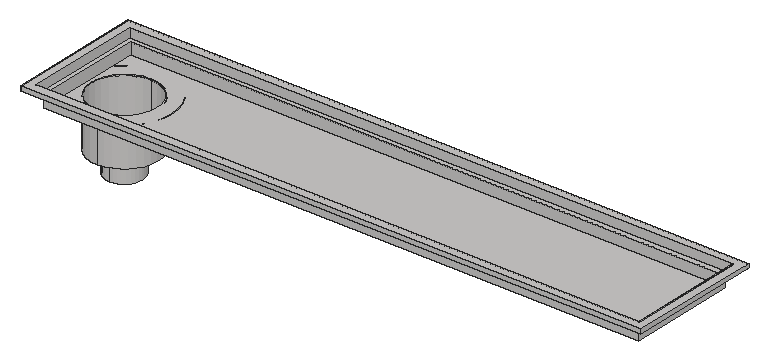
Revit family "QF_ZANUSSI_328055_FDA40185", category Attrezzature speciali, Revit 2020
Family settings
  Quota connettore circolare = Usa diametro
  Tipo di parte = Normale
  Basato su piano di lavoro = No
  Sempre verticale = Sì
  Taglio con vuoti quando caricato = No
  Condiviso = No
  Punto di calcolo locali = No
Parameters (values of type "Standard")
  Weight = 66.1387 lbm
  Watts = 0 W
  Volts = 0 V
  URL Manufacturer = "http://www.zanussiprofessional.com"
  URL = "http://www.zanussiprofessional.com"
  Steam Supply Size = 0"
  Steam Supply Minimum Pressure = 0.00 psi
  Steam Supply Maximum Pressure = 0.00 psi
  Steam Consumption per Hour = 0
  Refrigeration Suction Line Size = 0 mm
  Refrigeration Liquid Line Size = 0 mm
  Refrigerant Compressor Remote = yes
  Prospetto di default = 0 mm
  Phase = 0
  Modello = "FDA40185"
  Produttore = "Zanussi"
  Length Actual = 1850 mm  # constant formula
  Item Number = "328055"
  Hot Water Size = 0"
  Height Actual = 265 mm  # constant formula
  HP = "0 HP"
  Gas Size = 0"
  Gas KW = 0
  Gas Input Pressure = 0.0 Btu/h
  Direct Waste Size = 3.93701"
  Descrizione = "FLR.DRAIN+GRATE+S.SIPH-VERT.OUT.400X1850"
  Depth Actual = 400 mm  # constant formula
  Cycle = 0 Hz
  Condensate Return Size = 0"
  Compressed Air Volume = 0 GPM
  Compressed Air Size = 0"
  Compressed Air Pressure = 0.00 psi
  Cold Water Size = 0"
  Assembly Code = ""
  Accessory = yes
Reference planes
  plane 1: z = 0
  plane 2 "Center (Front/Back)": y = -102.225
  plane 3 "Center (Left/Right)": x = 9.791
  plane 4 "TOP": z = -265
  plane 5 "Back": y = 97.775
  plane 6 "Front": y = -302.225
  plane 7: x = -140.209
  plane 8: x = 159.791
  plane 9: x = 1709.791
Forms (mm)
  Revolve 1, solid, material "QF_Metal-Stainless-Polished"
    sketch origin (9.791, 0, 0) x (0, 1, 0) y (0, 0, 1)
      loop
        line (38.775, -62) -> (38.775, -60) -> (-4.225, -60) -> (-4.225, -198) -> (-49.225, -198) -> (-49.225, -265) -> (-47.225, -265) -> (-47.225, -200) -> (-2.225, -200) -> (-2.225, -62) -> (38.775, -62)
      axis (-102.225, -265) -> (-102.225, -60)
    angle from 0 to 360
  Sweep 2, solid, material "QF_Finishes_Stainless Steel"
    path origin (0, 0, 0) x (1, 0, 0) y (0, 1, 0)
      loop
        line (-140.209, 97.775) -> (-140.209, -302.225) -> (1709.791, -302.225) -> (1709.791, 97.775) -> (-140.209, 97.775)
    profile origin (784.791, 97.775, 0) x (0, 1, 0) y (0, 0, 1)
      loop
        line (0, -11.945) -> (0, 1) -> (-26, 1) -> (-26, -25) -> (-40, -25) -> (-40, -59) -> (-50, -59) -> (-50, -60) -> (-39, -60) -> (-39, -26) -> (-25, -26) -> (-25, 0.055) -> (-1, 0.055) -> (-1, -11.945) -> (0, -11.945)
  Extrusion 3, solid, material "QF_Finishes_Stainless Steel"
    sketch origin (0, 0, 0) x (1, 0, 0) y (0, 1, 0)
      loop
        line (-90.209, 47.775) -> (-90.209, -252.225) -> (1659.791, -252.225) -> (1659.791, 47.775) -> (-90.209, 47.775)
      loop
        circle (9.791, -102.225) r 98
    from -59 to -60
Cuts and joins
  joined: Sweep 2, Extrusion 3
Lines and regions (mm)
  symbolic lines
    curve 1: line (-140.209, 97.775, 0) -> (1709.791, 97.775, 0)
    curve 2: line (-140.209, -302.225, 0) -> (-140.209, 97.775, 0)
    curve 3: line (1709.791, -302.225, 0) -> (-140.209, -302.225, 0)
    curve 4: line (1709.791, 97.775, 0) -> (1709.791, -302.225, 0)
    curve 5: circle (9.791, -102.225, 0) r 115 normal (0, 0, 1)
    curve 18: circle (9.791, -102.225, 0) r 115 normal (0, 0, -1)
    curve 24: line (-114.209, 71.775, 0) -> (1683.791, 71.775, 0)
    curve 25: line (-114.209, -276.225, 0) -> (-114.209, 71.775, 0)
    curve 26: line (1683.791, -276.225, 0) -> (-114.209, -276.225, 0)
    curve 27: line (1683.791, 71.775, 0) -> (1683.791, -276.225, 0)
    curve 28: circle (9.791, -102.225, 0) r 53 normal (0, 0, 1)
  model lines
    curve 6: line (-100.209, 71.775, 0) -> (-100.209, -276.225, 0)
    curve 7: line (-80.209, 71.775, 0) -> (-80.209, -276.225, 0)
    curve 8: line (-60.209, 71.775, 0) -> (-60.209, -276.225, 0)
    curve 9: line (-40.209, 71.775, 0) -> (-40.209, -276.225, 0)
    curve 10: line (-20.209, 71.775, 0) -> (-20.209, -276.225, 0)
    curve 11: line (-0.209, 71.775, 0) -> (-0.209, -276.225, 0)
    curve 12: line (19.791, 71.775, 0) -> (19.791, -276.225, 0)
    curve 13: line (39.791, 71.775, 0) -> (39.791, -276.225, 0)
    curve 14: line (59.791, 71.775, 0) -> (59.791, -276.225, 0)
    curve 15: line (79.791, 71.775, 0) -> (79.791, -276.225, 0)
    curve 16: line (99.791, 71.775, 0) -> (99.791, -276.225, 0)
    curve 17: line (119.791, 71.775, 0) -> (119.791, -276.225, 0)
    curve 19: line (-114.209, -22.225, 0) -> (1683.791, -22.225, 0)
    curve 20: line (-114.209, -42.225, 0) -> (1683.791, -42.225, 0)
    curve 21: line (-114.209, -62.225, 0) -> (1683.791, -62.225, 0)
    curve 22: line (-114.209, -102.225, 0) -> (1683.791, -102.225, 0)
    curve 23: line (-114.209, -122.225, 0) -> (1683.791, -122.225, 0)
    curve 29: line (-114.209, 37.775, 0) -> (1683.791, 37.775, 0)
    curve 30: line (-114.209, 17.775, 0) -> (1683.791, 17.775, 0)
    curve 31: line (-114.209, -2.225, 0) -> (1683.791, -2.225, 0)
    curve 32: line (-114.209, -202.225, 0) -> (1683.791, -202.225, 0)
    curve 33: line (-114.209, -182.225, 0) -> (1683.791, -182.225, 0)
    curve 34: line (-114.209, -162.225, 0) -> (1683.791, -162.225, 0)
    curve 35: line (-114.209, -142.225, 0) -> (1683.791, -142.225, 0)
    curve 36: line (-114.209, -262.225, 0) -> (1683.791, -262.225, 0)
    curve 37: line (-114.209, -242.225, 0) -> (1683.791, -242.225, 0)
    curve 38: line (-114.209, -222.225, 0) -> (1683.791, -222.225, 0)
    curve 39: line (-114.209, 57.775, 0) -> (1683.791, 57.775, 0)
    curve 40: line (139.791, 71.775, 0) -> (139.791, -276.225, 0)
    curve 41: line (159.791, 71.775, 0) -> (159.791, -276.225, 0)
    curve 42: line (179.791, 71.775, 0) -> (179.791, -276.225, 0)
    curve 43: line (199.791, 71.775, 0) -> (199.791, -276.225, 0)
    curve 44: line (219.791, 71.775, 0) -> (219.791, -276.225, 0)
    curve 45: line (239.791, 71.775, 0) -> (239.791, -276.225, 0)
    curve 46: line (259.791, 71.775, 0) -> (259.791, -276.225, 0)
    curve 47: line (279.791, 71.775, 0) -> (279.791, -276.225, 0)
    curve 48: line (299.791, 71.775, 0) -> (299.791, -276.225, 0)
    curve 49: line (319.791, 71.775, 0) -> (319.791, -276.225, 0)
    curve 50: line (339.791, 71.775, 0) -> (339.791, -276.225, 0)
    curve 51: line (359.791, 71.775, 0) -> (359.791, -276.225, 0)
    curve 52: line (379.791, 71.775, 0) -> (379.791, -276.225, 0)
    curve 53: line (399.791, 71.775, 0) -> (399.791, -276.225, 0)
    curve 54: line (419.791, 71.775, 0) -> (419.791, -276.225, 0)
    curve 55: line (439.791, 71.775, 0) -> (439.791, -276.225, 0)
    curve 56: line (459.791, 71.775, 0) -> (459.791, -276.225, 0)
    curve 57: line (479.791, 71.775, 0) -> (479.791, -276.225, 0)
    curve 58: line (499.791, 71.775, 0) -> (499.791, -276.225, 0)
    curve 59: line (519.791, 71.775, 0) -> (519.791, -276.225, 0)
    curve 60: line (539.791, 71.775, 0) -> (539.791, -276.225, 0)
    curve 61: line (559.791, 71.775, 0) -> (559.791, -276.225, 0)
    curve 62: line (579.791, 71.775, 0) -> (579.791, -276.225, 0)
    curve 63: line (599.791, 71.775, 0) -> (599.791, -276.225, 0)
    curve 64: line (619.791, 71.775, 0) -> (619.791, -276.225, 0)
    curve 65: line (639.791, 71.775, 0) -> (639.791, -276.225, 0)
    curve 66: line (659.791, 71.775, 0) -> (659.791, -276.225, 0)
    curve 67: line (679.791, 71.775, 0) -> (679.791, -276.225, 0)
    curve 68: line (699.791, 71.775, 0) -> (699.791, -276.225, 0)
    curve 69: line (719.791, 71.775, 0) -> (719.791, -276.225, 0)
    curve 70: line (739.791, 71.775, 0) -> (739.791, -276.225, 0)
    curve 71: line (759.791, 71.775, 0) -> (759.791, -276.225, 0)
    curve 72: line (-114.209, -82.225, 0) -> (1683.791, -82.225, 0)
    curve 73: line (779.791, 71.775, 0) -> (779.791, -276.225, 0)
    curve 74: line (799.791, 71.775, 0) -> (799.791, -276.225, 0)
    curve 75: line (819.791, 71.775, 0) -> (819.791, -276.225, 0)
    curve 76: line (839.791, 71.775, 0) -> (839.791, -276.225, 0)
    curve 77: line (859.791, 71.775, 0) -> (859.791, -276.225, 0)
    curve 78: line (879.791, 71.775, 0) -> (879.791, -276.225, 0)
    curve 79: line (899.791, 71.775, 0) -> (899.791, -276.225, 0)
    curve 80: line (919.791, 71.775, 0) -> (919.791, -276.225, 0)
    curve 81: line (939.791, 71.775, 0) -> (939.791, -276.225, 0)
    curve 82: line (959.791, 71.775, 0) -> (959.791, -276.225, 0)
    curve 83: line (979.791, 71.775, 0) -> (979.791, -276.225, 0)
    curve 84: line (999.791, 71.775, 0) -> (999.791, -276.225, 0)
    curve 85: line (1019.791, 71.775, 0) -> (1019.791, -276.225, 0)
    curve 86: line (1039.791, 71.775, 0) -> (1039.791, -276.225, 0)
    curve 87: line (1059.791, 71.775, 0) -> (1059.791, -276.225, 0)
    curve 88: line (1079.791, 71.775, 0) -> (1079.791, -276.225, 0)
    curve 89: line (1099.791, 71.775, 0) -> (1099.791, -276.225, 0)
    curve 90: line (1119.791, 71.775, 0) -> (1119.791, -276.225, 0)
    curve 91: line (1139.791, 71.775, 0) -> (1139.791, -276.225, 0)
    curve 92: line (1159.791, 71.775, 0) -> (1159.791, -276.225, 0)
    curve 93: line (1179.791, 71.775, 0) -> (1179.791, -276.225, 0)
    curve 94: line (1199.791, 71.775, 0) -> (1199.791, -276.225, 0)
    curve 95: line (1219.791, 71.775, 0) -> (1219.791, -276.225, 0)
    curve 96: line (1239.791, 71.775, 0) -> (1239.791, -276.225, 0)
    curve 97: line (1259.791, 71.775, 0) -> (1259.791, -276.225, 0)
    curve 98: line (1279.791, 71.775, 0) -> (1279.791, -276.225, 0)
    curve 99: line (1299.791, 71.775, 0) -> (1299.791, -276.225, 0)
    curve 100: line (1319.791, 71.775, 0) -> (1319.791, -276.225, 0)
    curve 101: line (1339.791, 71.775, 0) -> (1339.791, -276.225, 0)
    curve 102: line (1359.791, 71.775, 0) -> (1359.791, -276.225, 0)
    curve 103: line (1379.791, 71.775, 0) -> (1379.791, -276.225, 0)
    curve 104: line (1399.791, 71.775, 0) -> (1399.791, -276.225, 0)
    curve 105: line (1419.791, 71.775, 0) -> (1419.791, -276.225, 0)
    curve 106: line (1439.791, 71.775, 0) -> (1439.791, -276.225, 0)
    curve 107: line (1459.791, 71.775, 0) -> (1459.791, -276.225, 0)
    curve 108: line (1479.791, 71.775, 0) -> (1479.791, -276.225, 0)
    curve 109: line (1499.791, 71.775, 0) -> (1499.791, -276.225, 0)
    curve 110: line (1519.791, 71.775, 0) -> (1519.791, -276.225, 0)
    curve 111: line (1539.791, 71.775, 0) -> (1539.791, -276.225, 0)
    curve 112: line (1559.791, 71.775, 0) -> (1559.791, -276.225, 0)
    curve 113: line (1579.791, 71.775, 0) -> (1579.791, -276.225, 0)
    curve 114: line (1599.791, 71.775, 0) -> (1599.791, -276.225, 0)
    curve 115: line (1619.791, 71.775, 0) -> (1619.791, -276.225, 0)
    curve 116: line (1639.791, 71.775, 0) -> (1639.791, -276.225, 0)
    curve 117: line (1659.791, 71.775, 0) -> (1659.791, -276.225, 0)
    curve 118: line (1679.791, 71.775, 0) -> (1679.791, -276.225, 0)
Dimensions and locks
  equal spacing: plane 8, plane 3 "Center (Left/Right)", plane 7
  level to plane 4 "TOP" = 265 mm
  locked: Revolve 1 sketch curve to Revolve 1 sketch curve at 141
  locked: Revolve 1 sketch curve to Revolve 1 sketch curve at 100
  locked: Revolve 1 sketch curve to Revolve 1 sketch curve at 55
  locked: plane 8 to plane 7 at 300
  equal spacing: plane 6 "Front", plane 2 "Center (Front/Back)", plane 5 "Back"
  locked: plane 6 "Front" to plane 5 "Back" at 400
  locked: plane 7 to plane 9 at 1850
  aligned and locked: level to plane 1
  aligned and locked: Sweep 2 sketch curve to plane 9
  aligned and locked: curve 4 to plane 9
Automatic sketch dimensions
  Revolve 1 sketch curve to plane 2 "Center (Front/Back)" = 0 mm
  plane 4 "TOP" to Revolve 1 sketch curve = 65 mm
  Revolve 1 sketch curve to level = 62 mm
  Revolve 1 sketch curve to Revolve 1 sketch curve = 2 mm  (x4)
  Revolve 1 sketch curve to plane 4 "TOP" = 344.6 mm
  level to Revolve 1 sketch curve = 2466.13 mm
  plane 6 "Front" to Sweep 2 sketch curve = 0 mm
  Sweep 2 sketch curve to plane 7 = 0 mm
  plane 5 "Back" to Sweep 2 sketch curve = 0 mm
  level to Sweep 2 sketch curve = 1 mm
  Sweep 2 sketch curve to profile plane = 0 mm
  profile plane to Sweep 2 sketch curve = 1 mm
  profile plane to Sweep 2 sketch curve = 25 mm
  Sweep 2 sketch curve to Sweep 2 sketch curve = 1 mm  (x4)
  Sweep 2 sketch curve to Sweep 2 sketch curve = 14 mm
  level to Sweep 2 sketch curve = 0.055 mm
  Sweep 2 sketch curve to Sweep 2 sketch curve = 12 mm
  Sweep 2 sketch curve to level = 25 mm
  Sweep 2 sketch curve to Sweep 2 sketch curve = 33 mm
  Sweep 2 sketch curve to Sweep 2 sketch curve = 10 mm
  Revolve 1 sketch curve to plane 4 "TOP" = 0 mm
  Extrusion 3 sketch curve to plane 2 "Center (Front/Back)" = 0 mm
  Extrusion 3 sketch curve to plane 3 "Center (Left/Right)" = 0 mm
  plane 7 to Extrusion 3 sketch curve = 50 mm
  Extrusion 3 sketch curve to plane 9 = 50 mm
  Extrusion 3 sketch curve to plane 6 "Front" = 50 mm
  plane 5 "Back" to Extrusion 3 sketch curve = 50 mm
  curve 5 to curve 18 = 0 mm  (x2)
  curve 5 to curve 28 = 0 mm  (x2)
  plane 6 "Front" to curve 3 = 0 mm
  curve 3 to plane 7 = 0 mm
  curve 22 to plane 2 "Center (Front/Back)" = 0 mm
  curve 5 to plane 2 "Center (Front/Back)" = 0 mm
  curve 5 to plane 3 "Center (Left/Right)" = 0 mm
  curve 41 to plane 8 = 0 mm
  plane 5 "Back" to curve 2 = 0 mm
  plane 7 to curve 26 = 26 mm
  curve 27 to plane 9 = 26 mm
  curve 25 to plane 6 "Front" = 26 mm
  plane 5 "Back" to curve 27 = 26 mm
  curve 25 to curve 6 = 14 mm
  curve 6 to curve 7 = 20 mm
  curve 7 to curve 8 = 20 mm
  curve 8 to curve 9 = 20 mm
  curve 9 to curve 10 = 20 mm
  curve 11 to plane 3 "Center (Left/Right)" = 10 mm
  plane 3 "Center (Left/Right)" to curve 12 = 10 mm
  curve 12 to curve 13 = 20 mm
  curve 13 to curve 14 = 20 mm
  curve 14 to curve 15 = 20 mm
  curve 15 to curve 16 = 20 mm
  curve 16 to curve 17 = 20 mm
  curve 40 to curve 41 = 20 mm
  plane 8 to curve 42 = 20 mm
  curve 42 to curve 43 = 20 mm
  curve 43 to curve 44 = 20 mm
  curve 44 to curve 45 = 20 mm
  curve 45 to curve 46 = 20 mm
  curve 46 to curve 47 = 20 mm
  curve 47 to curve 48 = 20 mm
  curve 48 to curve 49 = 20 mm
  curve 49 to curve 50 = 20 mm
  curve 50 to curve 51 = 20 mm
  curve 51 to curve 52 = 20 mm
  curve 52 to curve 53 = 20 mm
  curve 53 to curve 54 = 20 mm
  curve 54 to curve 55 = 20 mm
  curve 55 to curve 56 = 20 mm
  curve 56 to curve 57 = 20 mm
  curve 57 to curve 58 = 20 mm
  curve 58 to curve 59 = 20 mm
  curve 59 to curve 60 = 20 mm
  curve 60 to curve 61 = 20 mm
  curve 61 to curve 62 = 20 mm
  curve 62 to curve 63 = 20 mm
  curve 63 to curve 64 = 20 mm
  curve 64 to curve 65 = 20 mm
  curve 65 to curve 66 = 20 mm
  curve 66 to curve 67 = 20 mm
  curve 67 to curve 68 = 20 mm
  curve 68 to curve 69 = 20 mm
  curve 69 to curve 70 = 20 mm
  curve 70 to curve 71 = 20 mm
  curve 71 to curve 73 = 20 mm
  curve 73 to curve 74 = 20 mm
  curve 74 to curve 75 = 20 mm
  curve 75 to curve 76 = 20 mm
  curve 76 to curve 77 = 20 mm
  curve 77 to curve 78 = 20 mm
  curve 78 to curve 79 = 20 mm
  curve 79 to curve 80 = 20 mm
  curve 80 to curve 81 = 20 mm
  curve 81 to curve 82 = 20 mm
  curve 82 to curve 83 = 20 mm
  curve 83 to curve 84 = 20 mm
  curve 84 to curve 85 = 20 mm
  curve 85 to curve 86 = 20 mm
  curve 86 to curve 87 = 20 mm
  curve 87 to curve 88 = 20 mm
  curve 88 to curve 89 = 20 mm
  curve 89 to curve 90 = 20 mm
  curve 90 to curve 91 = 20 mm
  curve 91 to curve 92 = 20 mm
  curve 92 to curve 93 = 20 mm
  curve 93 to curve 94 = 20 mm
  curve 94 to curve 95 = 20 mm
  curve 95 to curve 96 = 20 mm
  curve 96 to curve 97 = 20 mm
  curve 97 to curve 98 = 20 mm
  curve 98 to curve 99 = 20 mm
  curve 99 to curve 100 = 20 mm
  curve 100 to curve 101 = 20 mm
  curve 101 to curve 102 = 20 mm
  curve 102 to curve 103 = 20 mm
  curve 103 to curve 104 = 20 mm
  curve 104 to curve 105 = 20 mm
  curve 105 to curve 106 = 20 mm
  curve 106 to curve 107 = 20 mm
  curve 107 to curve 108 = 20 mm
  curve 108 to curve 109 = 20 mm
  curve 109 to curve 110 = 20 mm
  curve 110 to curve 111 = 20 mm
  curve 111 to curve 112 = 20 mm
  curve 112 to curve 113 = 20 mm
  curve 113 to curve 114 = 20 mm
  curve 114 to curve 115 = 20 mm
  curve 115 to curve 116 = 20 mm
  curve 116 to curve 117 = 20 mm
  curve 118 to curve 24 = 4 mm
  curve 25 to curve 36 = 14 mm
  curve 36 to curve 37 = 20 mm
  curve 37 to curve 38 = 20 mm
  curve 38 to curve 32 = 20 mm
  curve 32 to curve 33 = 20 mm
  curve 33 to curve 34 = 20 mm
  curve 34 to curve 35 = 20 mm
  curve 23 to plane 2 "Center (Front/Back)" = 20 mm
  curve 22 to curve 72 = 20 mm
  curve 72 to curve 21 = 20 mm
  curve 21 to curve 20 = 20 mm
  curve 20 to curve 19 = 20 mm
  curve 19 to curve 31 = 20 mm
  curve 31 to curve 30 = 20 mm
  curve 30 to curve 29 = 20 mm
  curve 39 to curve 24 = 14 mm
  radius of Extrusion 3 sketch curve = 98 mm
  radius of curve 5 = 115 mm
  radius of curve 18 = 115 mm
  radius of curve 28 = 53 mm
Connectors
  piping at (9.791, -102.225, -265), diameter 100, driven by "Direct Waste Size"
    settings: on Revolve 1, index 1, connector inside diameter 24", connector length 0 mm, flow factor 0, pipe flow 0 GPM, pressure drop 0.00 psi, fitting loss kfactor 0, connector angle 0.00°, fixture units 0, engagement length 0 mm, angle of deflection 0.00°, flow configuration 1, flow direction 2, fitting loss method 0, system type 16, joint type 0, gender type 0, connector reference index -1, connector utility 0, adjustable connector no, is connector primary yes, connector description "Drain"
